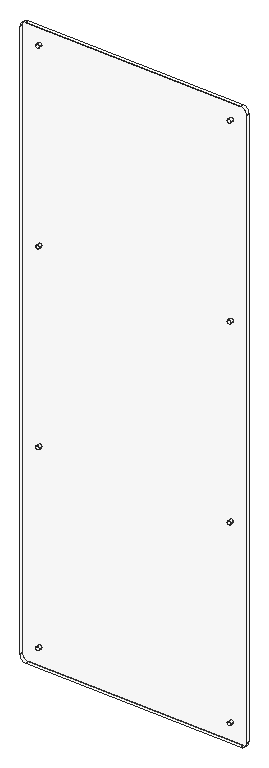
Revit family "rba-bim-rba8117-101", category Plumbing Fixtures, Revit 2016
Family settings
  Part Type = Normal
  Round Connector Dimension = Use Diameter
  Work Plane-Based = No
  Always vertical = Yes
  Cut with Voids When Loaded = No
  Shared = Yes
  Room Calculation Point = No
Parameters (values of type "RBA8117-101")
  Watermarked By = ""
  Waste Connection = yes
  Vent Connection = yes
  URL = "www.rba.com.au"
  Phone Number = "1300 788 778"
  Modified Issue = "20191031.01"
  Model = "RBA8117-101"
  Materials and Finishes = Polycarbonate
  Manufacturer = "RBA Group"  # constant formula
  HW Connection = yes
  Description = "Mirror"
  Copyright by = "RBA Group"  # constant formula
  CW Connection = yes
Reference planes
  plane 1 "Center (Front/Back)": y = 0
  plane 2: z = 0
  plane 3 "Center (Left/Right)": x = 0
  plane 4: x = -195
  plane 5: x = 195
  plane 6: z = 990
  plane 7: x = -165
Forms (mm)
  Blend 1, solid, material "Polycarbonate" <- "Materials and Finishes"
    base sketch origin (0, 0, 0) x (1, 0, 0) y (0, 0, 1)
      loop
        arc (-185, 990) -> (-192.071, 987.071) -> (-195, 980) r 10
        line (-195, 980) -> (-195, 10)
        arc (-195, 10) -> (-192.071, 2.929) -> (-185, 0) r 10
        line (-185, 0) -> (185, 0)
        arc (185, 0) -> (192.071, 2.929) -> (195, 10) r 10
        line (195, 10) -> (195, 980)
        arc (195, 980) -> (192.071, 987.071) -> (185, 990) r 10
        line (185, 990) -> (-185, 990)
    top sketch origin (0, 0, 0) x (1, 0, 0) y (0, 0, 1)
      loop
        arc (-185, 990) -> (-192.071, 987.071) -> (-195, 980) r 10
        line (-195, 980) -> (-195, 10)
        arc (-195, 10) -> (-192.071, 2.929) -> (-185, 0) r 10
        line (-185, 0) -> (185, 0)
        arc (185, 0) -> (192.071, 2.929) -> (195, 10) r 10
        line (195, 10) -> (195, 980)
        arc (195, 980) -> (192.071, 987.071) -> (185, 990) r 10
        line (185, 990) -> (-185, 990)
    from 0 to 6
  Extrusion 2, void
    sketch origin (0, 0, 0) x (1, 0, 0) y (0, 0, 1)
      loop
        circle (-165, 960) r 3.25
      loop
        circle (-165, 650) r 3.25
      loop
        circle (-165, 340) r 3.25
      loop
        circle (-165, 30) r 3.25
      loop
        circle (165, 960) r 3.25
      loop
        circle (165, 650) r 3.25
      loop
        circle (165, 340) r 3.25
      loop
        circle (165, 30) r 3.25
    from 6 to 0
Cuts and joins
  Extrusion 2 cuts Blend 1
Dimensions and locks
  aligned and locked: plane 2 to level
  aligned and locked: Extrusion 2 to plane 1 "Center (Front/Back)"
  aligned and locked: Blend 1 to Extrusion 2
